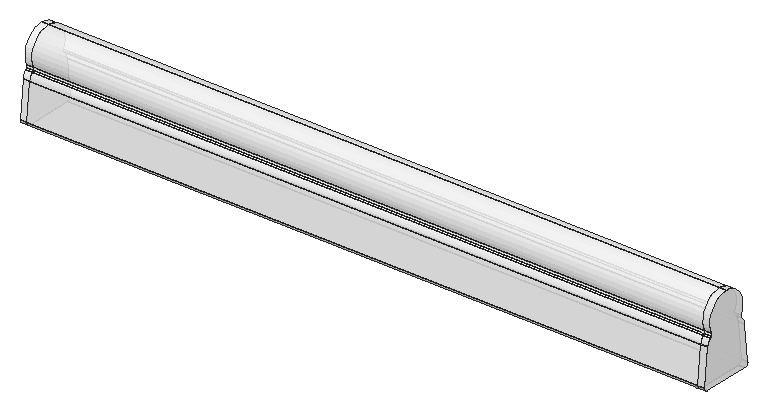
Revit family "0051026 Sylvania Lighting Fixture LED PIPE G2 L300 WW", category Lighting Fixtures, host Face, Revit 2016
Family settings
  Host = Face
  Part Type = Normal
  Round Connector Dimension = Use Diameter
  OmniClass Number = 23.80.70.00
  OmniClass Title = Lighting
  Cut with Voids When Loaded = No
  Light Source = Yes
  Shared = No
  Room Calculation Point = No
Parameters (values of type "0051026 LED PIPE G2 L300 WW")
  Width_SYL = 24 mm
  Weight = "2.58 kg"
  Wattage Comments = ""
  Wattage = 4 W
  WarrantyStartDate [instance] = "n/a"
  WarrantyGuarantorParts = "n/a"
  WarrantyDurationUnit = "n/a"
  WarrantyDurationParts = "n/a"
  WarrantyDescription = "n/a"
  built-in parameter 1150110 = 1 (stored number, unit not read)
  Voltage = 230 V
  URL = "http://www.sylvania-lighting.com"
  TypeName = "LED PIPE G2 L300 WW"
  Type Image = <None>
  Type Comments = "n/a"
  built-in parameter 1114217 = 1 (stored number, unit not read)
  Tilt Angle = -90.00°
  built-in parameter 1150109 = 1 (stored number, unit not read)
  built-in parameter 1150134 = (empty or 0)
  built-in parameter 1150113 = 1 (stored number, unit not read)
  SerialNumber [instance] = "n/a"
  RadiusTop_SYL = 9.1 mm
  RadiusSmall_SYL = 1.002 mm
  RadiusShoulder_SYL = 4.5 mm
  RadiusBottom_SYL = 1.5 mm
  Photometric Web File = "0051026.ies"
  Material_3_FEILO = none
  PowerFactor = 0.9
  PowerConsumption = "4 W"
  NominalLength = 300 mm
  NominalHeight = 35 mm
  NominalDepth = 24 mm
  Name = "LED PIPE G2 L300 WW"
  ModelReference = Name  # "LED PIPE G2 L300 WW"
  ModelNumber = "0051026"
  Model = Name  # "LED PIPE G2 L300 WW"
  Material = "pc housing, pc diffuser"
  ManufacturerName = "Feilo Sylvania"
  Manufacturer = "Feilo Sylvania"
  LuminousEfficacy = "90 lm/W"
  built-in parameter 1150105 = 72.926 (stored number, unit not read)
  Lumens = 360 lm
  LuminaireType = ""
  built-in parameter 1150115 = 1 (stored number, unit not read)
  LightOutputRatio = "n/a"
  built-in parameter 1150137 = (empty or 0)
  built-in parameter 1150139 = (empty or 0)
  Length_SYL = 300 mm
  LampsType = Lamp  # "LED"
  LampNominalLuminous = "360 lm"
  LampMacAdamStep = "6"
  LampColourTemperature = "3000 K"
  LampColourRenderingIndex = "80"
  built-in parameter 1150112 = 1 (stored number, unit not read)
  built-in parameter 1150114 = 1 (stored number, unit not read)
  Lamp = "LED"
  Keynote = "16500"
  InstallationDate [instance] = "n/a"
  InputVoltage = "220-240V~"
  InputNominalFrequency = "50/60 Hz"
  built-in parameter 1150132 = (empty or 0)
  built-in parameter 1150102 = (empty or 0)
  built-in parameter 1150107 = 3000 (stored number, unit not read)
  built-in parameter 1150138 = (empty or 0)
  IngressProtection = "IP20"
  ImpactProtectionIndex = "IK02"
  built-in parameter 1150106 = 0.72926 (stored number, unit not read)
  IfcExportType = "IfcLightFixtureType"
  IfcExportAs = "IfcLightFixtureType"
  Height_SYL = 35 mm
  ExpectedLife = 50000
  built-in parameter 1150127 = 10 mm
  Emit from Rectangle Length = Length_SYL - 6 mm  # 294 mm
  Emit Shape Visible in Rendering = no
  ElectricShockClassification = "Class II"
  built-in parameter 1150104 = 8.3613 (stored number, unit not read)
  DurationUnit = "hours"
  DocumentationLiterature = "http://www.sylvania-lighting.com/product/en-int/products/0051026"
  DimmingControlOptions = "n/a"
  Material_2_FEILO = LED-Sylvania-ledpipe
  Dimming Lamp Color Temperature Shift = <None>
  Description = "LED T5 replacement batten, seamless linking (up to 10M), Ideal for direct lighting such as under cabinet or in kitchens, 150 degree beam angle, includes switch, includes 0.30m stripped cable, white polycarbonate body, includes standard and tilting brackets"
  Default Elevation = 1219.2 mm
  CreatedOn = "6/11/2018"
  CreatedBy = "aron.fodor@sylvania-lighting.com"
  Cost = 0
  Color Filter = 16777215
  built-in parameter 1114216 [instance] = (empty or 0)
  ClassificationValue = "EF_70_80"
  ClassificationName = "Uniclass2015"
  Material_1_FEILO = Body-Sylvania-ledpipe
  BarCode [instance] = "n/a"
  built-in parameter 1114218 = 1 (stored number, unit not read)
  Emit from Rectangle Width = 3048 mm
  AssetType = "Fixed"
  AssetIdentifier [instance] = "n/a"
  Assembly Code = "D5020200"
  Apparent Load = 4 VA
  Material_4_FEILO = none
Reference planes
  plane 1 "Center (Front/Back)": y = 0
  plane 2: z = 0
  plane 3 "Center (Left/Right)": x = 0
  plane 4: y = 12
  plane 5: y = -12
  plane 6: z = 35
  plane 7: z = 25.8
  plane 8: y = -10
  plane 9: z = 18.8
  plane 10: z = 21
  plane 11: x = 150
  plane 12: x = -150
  plane 13: x = 147
  plane 14: x = -147
Forms (mm)
  Extrusion 1, solid, material "Body-Sylvania-ledpipe" <- "Material_1_FEILO"
    sketch origin (0, 0, 0) x (0, 1, 0) y (0, 0, 1)
      loop
        arc (-11.824, 1.659) -> (-11.447, 0.497) -> (-10.332, 0) r 1.5
        line (-10.332, 0) -> (10.332, 0)
        arc (10.332, 0) -> (11.447, 0.497) -> (11.824, 1.659) r 1.5
        line (11.824, 1.659) -> (10.168, 17.219)
        arc (10.168, 17.219) -> (9.754, 18.682) -> (8.875, 19.925) r 4.5
        line (8.875, 19.925) -> (8.294, 20.506)
        arc (8.294, 20.506) -> (8.012, 21.058) -> (8.109, 21.67) r 1.002
        arc (8.109, 21.67) -> (7.759, 30.556) -> (0, 34.9) r 9.1
        arc (0, 34.9) -> (-7.759, 30.556) -> (-8.109, 21.67) r 9.1
        arc (-8.109, 21.67) -> (-8.012, 21.058) -> (-8.294, 20.506) r 1.002
        line (-8.294, 20.506) -> (-8.875, 19.925)
        arc (-8.875, 19.925) -> (-9.754, 18.682) -> (-10.168, 17.219) r 4.5
        line (-10.168, 17.219) -> (-11.824, 1.659)
    from -147 to 147
  Extrusion 2, solid, material "Body-Sylvania-ledpipe" <- "Material_1_FEILO"
    sketch origin (147, -4572, 2609.058) x (0, 0, 1) y (0, -1, 0)
      loop
        arc (-2587.388, -4580.109) -> (-2578.502, -4579.759) -> (-2574.158, -4572) r 9.1
        arc (-2574.158, -4572) -> (-2578.502, -4564.241) -> (-2587.388, -4563.891) r 9.1
        arc (-2587.388, -4563.891) -> (-2588, -4563.988) -> (-2588.552, -4563.706) r 1.002
        line (-2588.552, -4563.706) -> (-2589.134, -4563.125)
        arc (-2589.134, -4563.125) -> (-2590.376, -4562.246) -> (-2591.84, -4561.832) r 4.5
        line (-2591.84, -4561.832) -> (-2607.399, -4560.176)
        arc (-2607.399, -4560.176) -> (-2608.561, -4560.553) -> (-2609.058, -4561.668) r 1.5
        line (-2609.058, -4561.668) -> (-2609.058, -4582.332)
        arc (-2609.058, -4582.332) -> (-2608.561, -4583.447) -> (-2607.399, -4583.824) r 1.5
        line (-2607.399, -4583.824) -> (-2591.84, -4582.168)
        arc (-2591.84, -4582.168) -> (-2590.376, -4581.754) -> (-2589.134, -4580.875) r 4.5
        line (-2589.134, -4580.875) -> (-2588.552, -4580.294)
        arc (-2588.552, -4580.294) -> (-2588, -4580.012) -> (-2587.388, -4580.109) r 1.002
    from 0 to 3
  Extrusion 3, solid, material "Body-Sylvania-ledpipe" <- "Material_1_FEILO"
    sketch origin (-297, -4572, 2609.058) x (0, 0, 1) y (0, -1, 0)
      loop
        arc (-2587.388, -4580.109) -> (-2578.502, -4579.759) -> (-2574.158, -4572) r 9.1
        arc (-2574.158, -4572) -> (-2578.502, -4564.241) -> (-2587.388, -4563.891) r 9.1
        arc (-2587.388, -4563.891) -> (-2588, -4563.988) -> (-2588.552, -4563.706) r 1.002
        line (-2588.552, -4563.706) -> (-2589.134, -4563.125)
        arc (-2589.134, -4563.125) -> (-2590.376, -4562.246) -> (-2591.84, -4561.832) r 4.5
        line (-2591.84, -4561.832) -> (-2607.399, -4560.176)
        arc (-2607.399, -4560.176) -> (-2608.561, -4560.553) -> (-2609.058, -4561.668) r 1.5
        line (-2609.058, -4561.668) -> (-2609.058, -4582.332)
        arc (-2609.058, -4582.332) -> (-2608.561, -4583.447) -> (-2607.399, -4583.824) r 1.5
        line (-2607.399, -4583.824) -> (-2591.84, -4582.168)
        arc (-2591.84, -4582.168) -> (-2590.376, -4581.754) -> (-2589.134, -4580.875) r 4.5
        line (-2589.134, -4580.875) -> (-2588.552, -4580.294)
        arc (-2588.552, -4580.294) -> (-2588, -4580.012) -> (-2587.388, -4580.109) r 1.002
    from 150 to 147
Lines and regions (mm)
  reference lines
    curve 1: circle (0, 0, 25.8) r 9.1 normal (1, 0, 0)
    curve 2: line (0, -12, 0) -> (0, -10, 18.8)
Dimensions and locks
  equal spacing: plane 5, plane 1 "Center (Front/Back)", plane 4
  "Width_SYL": plane 5 to plane 4
  "Height_SYL": plane 6 to plane 2
  locked: plane 6 to plane 7 at 9.2
  locked: plane 5 to plane 8 at 2
  locked: plane 7 to plane 9 at 7
  locked: plane 10 to plane 9 at 2.2
  equal spacing: plane 11, plane 3 "Center (Left/Right)", plane 12
  "Length_SYL": plane 11 to plane 12
  equal spacing: plane 13, plane 3 "Center (Left/Right)", plane 14
  locked: plane 14 to plane 12 at 3
  "RadiusTop_SYL": radius of curve 1
  "RadiusSmall_SYL": radius of Extrusion 1 sketch curve
  "RadiusShoulder_SYL": radius of Extrusion 1 sketch curve
  "RadiusTop_SYL": radius of Extrusion 1 sketch curve
  "RadiusBottom_SYL": radius of Extrusion 1 sketch curve  (x2)
  aligned and locked: plane 2 to host face
  aligned and locked: level to host face
  aligned and locked: plane 7 to curve 1
  aligned and locked: plane 1 "Center (Front/Back)" to curve 1
  aligned and locked: plane 8 to curve 2
  aligned and locked: curve 2 to Extrusion 1 sketch curve  (x2)
  aligned and locked: plane 7 to Extrusion 1 sketch curve
  aligned and locked: plane 1 "Center (Front/Back)" to Extrusion 1 sketch curve
  aligned and locked: Extrusion 1 sketch curve to level
  aligned and locked: plane 13 to Extrusion 1
  aligned and locked: Extrusion 1 to plane 14
  aligned and locked: Extrusion 2 sketch curve to Extrusion 1  (x8)
  aligned and locked: plane 11 to Extrusion 2
  aligned and locked: Extrusion 2 to Extrusion 1
  aligned and locked: Extrusion 3 sketch curve to Extrusion 2  (x8)
  aligned and locked: Extrusion 3 to Extrusion 1
  aligned and locked: Extrusion 3 to plane 12
  aligned and locked: imposter light to plane 1 "Center (Front/Back)"
  aligned and locked: plane 6 to imposter light
  aligned and locked: plane 3 "Center (Left/Right)" to imposter light
Automatic sketch dimensions
  host sketch curve to host sketch curve = 2438.4 mm  (x2)
  curve 2 to level = 0 mm
  curve 2 to plane 5 = 0 mm
  curve 2 to plane 9 = 0 mm
  Extrusion 1 sketch curve to Extrusion 1 sketch curve = 0 mm
  Extrusion 1 sketch curve to plane 5 = 0.176 mm
  plane 8 to Extrusion 1 sketch curve = 0.168 mm
  plane 10 to Extrusion 1 sketch curve = 0.215 mm  (x2)
  Extrusion 1 sketch curve to plane 8 = 0.998 mm
  Extrusion 1 sketch curve to plane 10 = 1.075 mm  (x2)
  Extrusion 1 sketch curve to plane 10 = 0.494 mm  (x2)
  Extrusion 1 sketch curve to plane 9 = 2.057 mm
  Extrusion 1 sketch curve to plane 1 "Center (Front/Back)" = 5.693 mm
  plane 4 to Extrusion 1 sketch curve = 3.706 mm
  Extrusion 1 sketch curve to Extrusion 1 sketch curve = 0.582 mm
  Extrusion 1 sketch curve to Extrusion 1 sketch curve = 0.709 mm
  Extrusion 1 sketch curve to plane 9 = 1.581 mm
  plane 4 to Extrusion 1 sketch curve = 1.668 mm
  plane 4 to Extrusion 1 sketch curve = 0.176 mm
  Extrusion 2 sketch curve to Extrusion 2 sketch curve = 0.159 mm
  Extrusion 2 sketch curve to plane 5 = 0.176 mm
  plane 8 to Extrusion 2 sketch curve = 0.168 mm
  Extrusion 2 sketch curve to plane 9 = 1.581 mm
  Extrusion 2 sketch curve to plane 10 = 0.494 mm  (x2)
  Extrusion 2 sketch curve to Extrusion 2 sketch curve = 0.127 mm
  Extrusion 2 sketch curve to Extrusion 2 sketch curve = 0.582 mm
  Extrusion 3 sketch curve to Extrusion 3 sketch curve = 0.159 mm
  Extrusion 3 sketch curve to plane 5 = 0.176 mm
  plane 8 to Extrusion 3 sketch curve = 0.168 mm
  Extrusion 3 sketch curve to plane 9 = 1.581 mm
  Extrusion 3 sketch curve to plane 10 = 0.494 mm  (x2)
  Extrusion 3 sketch curve to Extrusion 3 sketch curve = 0.127 mm
  Extrusion 3 sketch curve to Extrusion 3 sketch curve = 0.582 mm
Connectors
  electrical at (0, 0, 0), driven by "Apparent Load", driven by "PowerFactor", driven by "Voltage"
    settings: index 1, voltage 230 V, apparent load 4 VA, apparent load phase1 0 VA, apparent load phase2 0 VA, apparent load phase3 0 VA, power factor 0.9, load classification "Lighting", number of poles 1, system type 30, power factor state 1, is connector primary yes, connector utility no, sub classification motor no, connector description ""
